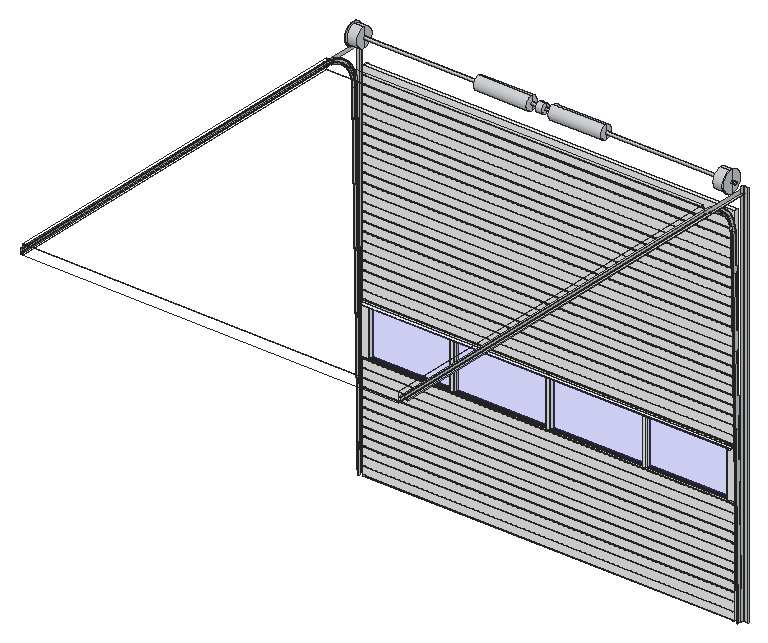
Revit family
Parameters (values of type "By Type")
  Windload = "Doors available rated for various design pressures; consult Clopay for avaialbility and specifications"
  VisSection6 = NumSections = 6  # no
  VisSection5 = NumSections > 4  # yes
  VisSection4 = NumSections > 3  # yes
  VisSection3 = NumSections > 2  # yes
  VisArray = NumSections > 6  # yes
  URL = "www.clopaydoor.com"
  Track Type = Track - Standard Lift : 15" Radius
  Track = "Galvanized steel (gauge varies according to door size)"
  Thickness = 0' - 2"  # constant formula
  Spec Wizard = "http://www.arcat.com/specwizard/08360clo/index.htm"
  Section Height = Height / NumSections  # 2' - 0"
  Section 5 Glazing = Section : Solid
  Section 4 Glazing = Section : Solid
  Section 3 Glazing = Full Vision Section : Intermediate
  Sales Information = "http://www.clopaydoor.com/where-to-buy.aspx?type=dealer"
  Rough Width = 0' - 0"  # constant formula
  Rough Height = 0' - 0"  # constant formula
  Roof Pitch = 0
  R-Value = "17.2"
  Product Features and Benefits = "http://www.clopaydoor.com/insulated-polyurethane-applications.aspx"
  Overlapping Jamb = yes
  Overlap = if(Overlapping Jamb, 0' 1", 0' 0")  # 0' - 1"
  Opening Width = 14' - 0"
  Opening Height = 14' - 0"
  Opener - Jackshaft Right Side = no
  Opener - Trolley = no
  Opener - Jackshaft Left Side = no
  Omniclass Table = "23-30 10 17 37 "
  NumSectionsNotRounded = Height / 2' 0"  # 7
  NumSections = NumSectionsNotRounded + 0.4999  # 7
  NumArraySections = if(NumSections > 6, NumSections - 5, 2)  # 2
  Model = "3720"
  Maximum Size = "Maximum 32' 2'' wide by 26' 0'' high. Additional limitations may apply do to door weight. Consult Clopay for specificiations and shop drawings."  # constant formula
  Manufacturer Website = "http://www.clopaydoor.com"
  Manufacturer Phone Number = "1-800-526-4301"
  Manufacturer Address = "1400 W. Market St., Troy, OH 45373"
  Manufacturer = "Clopay Building Products Company"
  LEED = "http://products.construction.com/swts_content_files/151607/303186.pdf"
  Keynote = "08 36 13"
  Interior Steel = "28 ga. galvanized, primed, and finish painted"
  High Lift = 4' - 0"
  Hardware = "14 ga. min. steel hinges; 10-ball steel rollers"
  GreenFormat = "http://www.greenformat.com/products/1536-Polyurethane%20Insulated%20Doors.rtf"
  Function = (empty or 0)
  Height = Opening Height + Rough Width * 0  # 14' - 0"
  Wall Closure = (empty or 0)
  Width = Opening Width + Rough Width * 0  # 14' - 0"
  FloorToSection7 = 6 * Section Height  # 12' - 0"
  FloorToSection6 = 5 * Section Height  # 10' - 0"
  FloorToSection5 = 4 * Section Height  # 8' - 0"
  FloorToSection4 = 3 * Section Height  # 6' - 0"
  FloorToSection3 = 2 * Section Height  # 4' - 0"
  FloorToSection2 = Section Height  # 2' - 0"
  File Revision = "02 (August, 2012)"
  Exterior Steel = "27 ga. galvanized, primed, and finish painted"
  Double Torsion Shaft = no
  Double End Stiles = Door Width > 14' 2"  # no
  Door Width = Opening Width + Overlap * 2  # 14' - 2"
  Door Height = Opening Height + Rough Width * 0  # 14' - 0"
  Description = "2'' thick polyurethane insulated, stucco embossed 27 gauge steel exterior with light ribbed pattern."
  Core Material = "Expanded polyurethane"
  Copyright = "2010, Clopay Building Products Company, Inc."
  Color = White
  CAD and Specifications = "http://www.clopaydoor.com/insulated-polyurethane-specs.aspx"
  Assembly Code = "B2030410"
Reference planes (in)
  plane 1 "Center (Front/Back)": y = 0
  plane 2 "Center (Left/Right)": x = 0
  plane 3 "Left": x = -84
  plane 4 "Right": x = 84
  plane 5 "Top": z = 168
  plane 6 "Exterior": y = 3
  plane 7 "Interior": y = -3
  plane 8: z = 120
  plane 9: z = 144
Lines and regions (in)
  Opening 1
    outline origin (-90, -3, 0) x (1, 0, 0) y (0, 0, 1)
      loop
        line (6, 0) -> (174, 0) -> (174, 168) -> (6, 168) -> (6, 0)
Text (in)
  text "Exterior" at (-74.96733, 27.31104, 0), in view "Ref. Level"
  text "Interior" at (-74.96733, -25.14366, 0), in view "Ref. Level"
  text "Exterior" at (0, 40.15149, 123.01588), in view "Right"
  text "Interior" at (0, -64.39139, 123.01588), in view "Right"
  text "Interior" at (0, -31.01599, 123.00693), in view "Left"
  text "Exterior" at (0, 54.57065, 123.00693), in view "Left"
Dimensions and locks (in)
  equal spacing: plane 3 "Left", plane 2 "Center (Left/Right)", plane 4 "Right"
  "Height": level to plane 5 "Top"
  "Width": plane 3 "Left" to plane 4 "Right"
  host wall to plane 5 "Top" = 14' - 0"
  nested 1 to plane 7 "Interior" = 0' - 0 1/2"
  "FloorToSection6": plane 8 to level
  "FloorToSection7": plane 9 to level
  group 1 to group 2 = 0' - 0"  (x2)
  group 1 to group 2 = 2' - 0"
  host wall to host wall = 67' - 6"
  aligned and locked: plane 3 "Left" to Opening 1 sketch curve
  aligned and locked: plane 5 "Top" to Opening 1 sketch curve
  aligned and locked: Opening 1 sketch curve to plane 5 "Top"
  aligned and locked: Opening 1 sketch curve to plane 4 "Right"
  aligned and locked: Opening 1 sketch curve to level
  aligned and locked: plane 6 "Exterior" to host wall
  aligned and locked: host wall to plane 7 "Interior"
  aligned and locked: plane 2 "Center (Left/Right)" to nested 2
  aligned and locked: plane 2 "Center (Left/Right)" to nested 3
  aligned and locked: plane 2 "Center (Left/Right)" to nested 4
  aligned and locked: plane 2 "Center (Left/Right)" to nested 5
  aligned and locked: plane 2 "Center (Left/Right)" to nested 7
  aligned and locked: nested 7 to plane 8
  aligned and locked: nested 8 to plane 9
  aligned and locked: plane 7 "Interior" to nested 2
  aligned and locked: plane 7 "Interior" to nested 7
  aligned and locked: host wall to nested 8
  aligned and locked: plane 7 "Interior" to nested 3
  aligned and locked: host wall to nested 3
  aligned and locked: plane 7 "Interior" to nested 1
  aligned and locked: nested 2 to host wall
  aligned and locked: plane 7 "Interior" to nested 6
  aligned and locked: plane 7 "Interior" to nested 5
  aligned and locked: host wall to nested 7
  aligned and locked: plane 7 "Interior" to nested 4
  aligned and locked: nested 11 to plane 2 "Center (Left/Right)"
Nested families (in)
  nested 1: "Section" at (0, 0, 0), type "Solid"
    with X9 0' - 7 1/2", X8 0' - 7 1/2", X7 0' - 7 1/2", X6 0' - 7 1/2", X5 0' - 7 1/2", X4 11' - 7 1/2", X3 7' - 11 1/2", X2 4' - 3 1/2", NumWindows 4, NumArrayedWindows 4, Half Door Width Neg -7' - 1", Half Door Width 7' - 1", X1 0' - 7 1/2", Door Width 14' - 2"
  nested 2: "Section" at (0, 0, 24), built-in parameter 1001364 <- "Section Height", type "Solid"
    with X9 0' - 7 1/2", X8 0' - 7 1/2", X7 0' - 7 1/2", X6 0' - 7 1/2", X5 0' - 7 1/2", X4 11' - 7 1/2", X3 7' - 11 1/2", X2 4' - 3 1/2", NumWindows 4, NumArrayedWindows 4, Half Door Width Neg -7' - 1", Half Door Width 7' - 1", X1 0' - 7 1/2", Door Width 14' - 2"
  nested 3: "Full Vision Section" at (0, 0, 48), type <- "Section 3 Glazing", built-in parameter 1001364 <- "FloorToSection3", visible <- "VisSection3", type "Intermediate"
    with SingleStileVis no, Rail Width 14' - 1 13/16", NumIntStiles 3, Half Rail Width 7' - 0 29/32", Half Door Width 7' - 1", Glass Width 14' - 0 13/16", Edge to 1st Int Stile 3' - 5", Door Width 14' - 2", ArrayStileVis yes, ArrayIntStiles 3
  nested 4: "Section" at (0, 0, 120), built-in parameter 1001364 <- "FloorToSection6", visible <- "VisSection6", type "Solid"
    with X9 0' - 7 1/2", X8 0' - 7 1/2", X7 0' - 7 1/2", X6 0' - 7 1/2", X5 0' - 7 1/2", X4 11' - 7 1/2", X3 7' - 11 1/2", X2 4' - 3 1/2", NumWindows 4, NumArrayedWindows 4, Half Door Width Neg -7' - 1", Half Door Width 7' - 1", X1 0' - 7 1/2", Door Width 14' - 2"
  nested 5: "Section" at (0, 0, 96), built-in parameter 1001364 <- "FloorToSection5", type <- "Section 5 Glazing", visible <- "VisSection5", type "Solid"
    with X9 0' - 7 1/2", X8 0' - 7 1/2", X7 0' - 7 1/2", X6 0' - 7 1/2", X5 0' - 7 1/2", X4 11' - 7 1/2", X3 7' - 11 1/2", X2 4' - 3 1/2", NumWindows 4, NumArrayedWindows 4, Half Door Width Neg -7' - 1", Half Door Width 7' - 1", X1 0' - 7 1/2", Door Width 14' - 2"
  nested 6: "Section" at (0, 0, 72), type <- "Section 4 Glazing", built-in parameter 1001364 <- "FloorToSection4", visible <- "VisSection4", type "Solid"
    with X9 0' - 7 1/2", X8 0' - 7 1/2", X7 0' - 7 1/2", X6 0' - 7 1/2", X5 0' - 7 1/2", X4 11' - 7 1/2", X3 7' - 11 1/2", X2 4' - 3 1/2", NumWindows 4, NumArrayedWindows 4, Half Door Width Neg -7' - 1", Half Door Width 7' - 1", X1 0' - 7 1/2", Door Width 14' - 2"
  nested 7: "Section" at (0, 0, 120), visible <- "VisArray", type "Solid"
    with X9 0' - 7 1/2", X8 0' - 7 1/2", X7 0' - 7 1/2", X6 0' - 7 1/2", X5 0' - 7 1/2", X4 11' - 7 1/2", X3 7' - 11 1/2", X2 4' - 3 1/2", NumWindows 4, NumArrayedWindows 4, Half Door Width Neg -7' - 1", Half Door Width 7' - 1", X1 0' - 7 1/2", Door Width 14' - 2"
  nested 8: "Section" at (0, 0, 144), visible <- "VisArray", type "Solid"
    with X9 0' - 7 1/2", X8 0' - 7 1/2", X7 0' - 7 1/2", X6 0' - 7 1/2", X5 0' - 7 1/2", X4 11' - 7 1/2", X3 7' - 11 1/2", X2 4' - 3 1/2", NumWindows 4, NumArrayedWindows 4, Half Door Width Neg -7' - 1", Half Door Width 7' - 1", X1 0' - 7 1/2", Door Width 14' - 2"
  nested 9: "Section" at (0, 4.67704, 636.93806), type "Windows - 24x8", not visible
    with X9 0' - 7 1/2", X8 0' - 7 1/2", X7 0' - 7 1/2", X6 0' - 7 1/2", X5 0' - 7 1/2", X4 11' - 7 1/2", X3 7' - 11 1/2", X2 4' - 3 1/2", NumWindows 4, NumArrayedWindows 4, Half Door Width Neg -7' - 1", Half Door Width 7' - 1", X1 0' - 7 1/2", Door Width 14' - 2"
  nested 10: "Section" at (0, 4.63986, 609.3176), type "Windows - 24x12", not visible
    with X9 0' - 7 1/2", X8 0' - 7 1/2", X7 0' - 7 1/2", X6 0' - 7 1/2", X5 0' - 7 1/2", X4 11' - 7 1/2", X3 7' - 11 1/2", X2 4' - 3 1/2", WindowSpacing 3' - 8", NumWindows 4, NumArrayedWindows 4, Half Door Width Neg -7' - 1", Half Door Width 7' - 1", X1 0' - 7 1/2", Door Width 14' - 2"
  nested 11: "Track - Standard Lift" at (0, 0, 0) x (-1, 0, 0) z (0, 0, 1), type <- "Track Type", type "15" Radius"
    with WallToRadiusCenter 1' - 9.33333", VerticalAngleLength 14' - 10", Vertical Track Length 13' - 4", TrackToTrack 14' - 4", Roof Pitch Deg 0.00°, Roof Pitch 0, HorizontalAngleLength -16' - 2.33333", Horizontal Track Length 14' - 6", FloorToTrolleyRail 15' - 8", FloorToShaftCL 15' - 2", FloorToJackShaft 15' - 5", Double Torsion Shaft no, Door Width 14' - 2", Door Height 14' - 0", CenterToLHTrack 7' - 2", HorizontalTrackAngle 90.00°, CenterToRHTrack -7' - 2", CenterToJackShaft 7' - 6"
Definition of nested family "Section"
  Parameters (values of type "Windows - 24x12")
    X9 = if(if(NumArrayedWindows < NumWindows, NumArrayedWindows + 1, NumWindows) < 9, X1, X8 + WindowSpacing)  # 0' - 4 1/2"
    X8 = if(if(NumArrayedWindows < NumWindows, NumArrayedWindows + 1, NumWindows) < 8, X1, X7 + WindowSpacing)  # 0' - 4 1/2"
    X7 = if(if(NumArrayedWindows < NumWindows, NumArrayedWindows + 1, NumWindows) < 7, X1, X6 + WindowSpacing)  # 0' - 4 1/2"
    X6 = if(if(NumArrayedWindows < NumWindows, NumArrayedWindows + 1, NumWindows) < 6, X1, X5 + WindowSpacing)  # 0' - 4 1/2"
    X5 = if(if(NumArrayedWindows < NumWindows, NumArrayedWindows + 1, NumWindows) < 5, X1, X4 + WindowSpacing)  # 0' - 4 1/2"
    X4 = if(if(NumArrayedWindows < NumWindows, NumArrayedWindows + 1, NumWindows) < 4, X1, X3 + WindowSpacing)  # 0' - 4 1/2"
    X3 = if(NumWindows < 3, X1, X2 + WindowSpacing)  # 7' - 0 1/2"
    X2 = if(NumWindows < 2, ((Door Width - (NumWindows - 1) * WindowSpacing) / 2 - Cutout Width / 2), ((Door Width - (NumWindows - 1) * WindowSpacing) / 2 - Cutout Width / 2) + WindowSpacing)  # 3' - 8 1/2"
    Windows = 37xx Window Array : 24x12
    WindowVis = yes
    WindowSpacing = if(and(Door Width < 10' 0", Door Width > 9' 2"), 3' 4", 3' 8")  # 3' - 4"
    WindowCutDepth = 0' - 2"
    Section Height = 2' - 0"
    RibSpacing = Section Height / (NumRibs + 1)  # 0' - 4"
    NumWindows = if(Door Width < 9' 4", 2, if(Door Width < 13' 4", 3, if(Door Width < 16' 4", 4, if(Door Width < 20' 4", 5, if(Door Width < 24' 4", 6, if(Door Width < 26' 4", 7, if(Door Width < 31' 8", 8, 10)))))))  # 3
    NumRibs = if(Section Height < 1' 9", 3, if(Section Height < 2' 0", 4, 5))  # 5
    NumArrayedWindows = if(X2 = X1, NumWindows - 2, NumWindows)  # 3
    Half Section Height = Section Height / 2  # 1' - 0"
    Half Door Width Neg = -Half Door Width  # -4' - 8"
    Half Door Width = Door Width / 2  # 4' - 8"
    Half Cutout Height = Cutout Height / 2  # 0' - 5 1/2"
    Function = (empty or 0)
    Height = 0' - 0"
    Wall Closure = (empty or 0)
    Width = 0' - 0"
    X1 = if(or(Door Width > 31' 6", and(Door Width > 26' 2", Door Width < 28' 1"), Door Width = 24' 3", Door Width = 24' 4", and(Door Width > 20' 2", Door Width < 20' 11"), and(Door Width > 16' 2", Door Width < 17' 3")), X2, (Door Width - (NumWindows - 1) * WindowSpacing) / 2 - Cutout Width / 2)  # 0' - 4 1/2"
    Door Width = 9' - 4"
    CutoutToCutout = 1' - 0"
    Cutout Width = 1' - 11"
    Cutout Height = 0' - 11"
    Color = White
    BtmTo1stRib = RibSpacing  # 0' - 4"
    Assembly Code = ""
  Types (3): name | X7 | X6 | X5 | X4 | X3 | X2 | Windows | WindowVis | WindowSpacing | WindowCutDepth | NumWindows | NumArrayedWindows | Half Door Width Neg | Half Door Width | Half Cutout Height | Door Width | Cutout Height
    Windows - 24x12 | 0' - 4 1/2" | 0' - 4 1/2" | 0' - 4 1/2" | 0' - 4 1/2" | 7' - 0 1/2" | 3' - 8 1/2" | 37xx Window Array : 24x12 | yes | 3' - 4" | 0' - 2" | 3 | 3 | -4' - 8" | 4' - 8" | 0' - 5 1/2" | 9' - 4" | 0' - 11"
    Windows - 24x8 | 22' - 4 1/2" | 18' - 8 1/2" | 15' - 0 1/2" | 11' - 4 1/2" | 7' - 8 1/2" | 4' - 0 1/2" | 37xx Window Array : 24x8 | yes | 3' - 8" | 0' - 2" | 7 | 7 | -12' - 4" | 12' - 4" | 0' - 3 1/2" | 24' - 8" | 0' - 7"
    Solid | 22' - 4 1/2" | 18' - 8 1/2" | 15' - 0 1/2" | 11' - 4 1/2" | 7' - 8 1/2" | 4' - 0 1/2" | 37xx Window Array : 24x8 | no | 3' - 8" | -0' - 0 13/128" | 7 | 7 | -12' - 4" | 12' - 4" | 0' - 3 1/2" | 24' - 8" | 0' - 7"
  Reference planes (in)
    plane 1 "Center (Front/Back)": y = 0
    plane 2 "Center (Left/Right)": x = 0
    plane 3 "Exterior": y = 3
    plane 4 "Interior": y = -3
    plane 5: y = -3.5
    plane 6: x = 56
    plane 7: x = -56
    plane 8: z = 4
    plane 9: z = 8
    plane 10: z = 24
    plane 11: z = 12
    plane 12: z = 0
  Forms (in)
    Extrusion 1, solid, material "White" <- "Color"
      sketch origin (-56, -12, 83.08252) x (0, 0, 1) y (0, -1, 0)
        loop
          line (-59.08252, -8.37573) -> (-59.08252, -6.62444)
          arc (-59.08252, -6.62444) -> (-59.11897, -6.53645) -> (-59.20696, -6.5) r 0.12444
          line (-59.20696, -6.5) -> (-82.95809, -6.5)
          arc (-82.95809, -6.5) -> (-83.04608, -6.53645) -> (-83.08252, -6.62444) r 0.12444
          line (-83.08252, -6.62444) -> (-83.08252, -8.37573)
          arc (-83.08252, -8.37573) -> (-83.04612, -8.4636) -> (-82.95825, -8.5) r 0.12427
          line (-82.95825, -8.5) -> (-59.20679, -8.5)
          arc (-59.20679, -8.5) -> (-59.11892, -8.4636) -> (-59.08252, -8.37573) r 0.12427
      from 0 to 112 <- "Door Width"
    Extrusion 2, void
      sketch origin (0, 0, -0.5) x (0, -1, 0) y (0, 0, 1)
        loop
          line (3.5, 4.62727) -> (3.5, 4.37273) -> (3.53032, 4.41942)
          arc (3.53032, 4.41942) -> (3.53753, 4.43506) -> (3.54, 4.4521) r 0.06
          line (3.54, 4.4521) -> (3.54, 4.5479)
          arc (3.54, 4.5479) -> (3.53753, 4.56494) -> (3.53032, 4.58058) r 0.06
          line (3.53032, 4.58058) -> (3.5, 4.62727)
      from -56 <- "Half Door Width Neg" to 112 <- "Door Width"
    Extrusion 3, void
      sketch origin (0, 0, 3.5) x (0, -1, 0) y (0, 0, 1)
        loop
          line (3.5, 4.62727) -> (3.5, 4.37273) -> (3.53032, 4.41942)
          arc (3.53032, 4.41942) -> (3.53753, 4.43506) -> (3.54, 4.4521) r 0.06
          line (3.54, 4.4521) -> (3.54, 4.5479)
          arc (3.54, 4.5479) -> (3.53753, 4.56494) -> (3.53032, 4.58058) r 0.06
          line (3.53032, 4.58058) -> (3.5, 4.62727)
      from -56 <- "Half Door Width Neg" to 112 <- "Door Width"
    Extrusion 4, void
      sketch origin (0, 0, 7.5) x (0, -1, 0) y (0, 0, 1)
        loop
          line (3.5, 4.62727) -> (3.5, 4.37273) -> (3.53032, 4.41942)
          arc (3.53032, 4.41942) -> (3.53753, 4.43506) -> (3.54, 4.4521) r 0.06
          line (3.54, 4.4521) -> (3.54, 4.5479)
          arc (3.54, 4.5479) -> (3.53753, 4.56494) -> (3.53032, 4.58058) r 0.06
          line (3.53032, 4.58058) -> (3.5, 4.62727)
      from -56 <- "Half Door Width Neg" to 112 <- "Door Width"
    Extrusion 5, void
      sketch origin (0, -8.99984, -0.5) x (0, 1, 0) y (0, 0, -1)
        loop
          line (3.5, -4.62727) -> (3.53032, -4.58058)
          arc (3.53032, -4.58058) -> (3.53753, -4.56494) -> (3.54, -4.5479) r 0.06
          line (3.54, -4.5479) -> (3.54, -4.4521)
          arc (3.54, -4.4521) -> (3.53753, -4.43506) -> (3.53032, -4.41942) r 0.06
          line (3.53032, -4.41942) -> (3.5, -4.37273) -> (3.5, -4.62727)
      from -56 <- "Half Door Width Neg" to 112 <- "Door Width"
    Extrusion 6, void
      sketch origin (0, -8.99984, 3.5) x (0, 1, 0) y (0, 0, -1)
        loop
          line (3.5, -4.62727) -> (3.53032, -4.58058)
          arc (3.53032, -4.58058) -> (3.53753, -4.56494) -> (3.54, -4.5479) r 0.06
          line (3.54, -4.5479) -> (3.54, -4.4521)
          arc (3.54, -4.4521) -> (3.53753, -4.43506) -> (3.53032, -4.41942) r 0.06
          line (3.53032, -4.41942) -> (3.5, -4.37273) -> (3.5, -4.62727)
      from -56 <- "Half Door Width Neg" to 112 <- "Door Width"
    Extrusion 7, void
      sketch origin (0, -8.99984, 7.5) x (0, 1, 0) y (0, 0, -1)
        loop
          line (3.5, -4.62727) -> (3.53032, -4.58058)
          arc (3.53032, -4.58058) -> (3.53753, -4.56494) -> (3.54, -4.5479) r 0.06
          line (3.54, -4.5479) -> (3.54, -4.4521)
          arc (3.54, -4.4521) -> (3.53753, -4.43506) -> (3.53032, -4.41942) r 0.06
          line (3.53032, -4.41942) -> (3.5, -4.37273) -> (3.5, -4.62727)
      from -56 <- "Half Door Width Neg" to 112 <- "Door Width"
    Extrusion 8, void
      sketch origin (-98.15385, -3.5, 48) x (1, 0, 0) y (0, 0, 1)
        loop
          line (149.65385, -30.5) -> (126.65385, -30.5) -> (126.65385, -36) -> (149.65385, -36) -> (149.65385, -30.5)
      from 0 to 2 <- "WindowCutDepth"
    Extrusion 9, void
      sketch origin (-98.15385, -3.5, -24) x (1, 0, 0) y (0, 0, 1)
        loop
          line (149.65385, 30.5) -> (149.65385, 36) -> (126.65385, 36) -> (126.65385, 30.5) -> (149.65385, 30.5)
      from 0 to 2 <- "WindowCutDepth"
    Extrusion 10, void
      sketch origin (-136.15385, -3.5, 48) x (1, 0, 0) y (0, 0, 1)
        loop
          line (147.65385, -30.5) -> (124.65385, -30.5) -> (124.65385, -36) -> (147.65385, -36) -> (147.65385, -30.5)
      from 0 to 2 <- "WindowCutDepth"
    Extrusion 11, void
      sketch origin (-136.15385, -3.5, -24) x (1, 0, 0) y (0, 0, 1)
        loop
          line (147.65385, 30.5) -> (147.65385, 36) -> (124.65385, 36) -> (124.65385, 30.5) -> (147.65385, 30.5)
      from 0 to 2 <- "WindowCutDepth"
    Extrusion 12, void
      sketch origin (-171.15385, -3.5, 48) x (1, 0, 0) y (0, 0, 1)
        loop
          line (142.65385, -30.5) -> (119.65385, -30.5) -> (119.65385, -36) -> (142.65385, -36) -> (142.65385, -30.5)
      from 0 to 2 <- "WindowCutDepth"
    Extrusion 13, void
      sketch origin (-171.15385, -3.5, -24) x (1, 0, 0) y (0, 0, 1)
        loop
          line (142.65385, 30.5) -> (142.65385, 36) -> (119.65385, 36) -> (119.65385, 30.5) -> (142.65385, 30.5)
      from 0 to 2 <- "WindowCutDepth"
    Extrusion 14, void
      sketch origin (-214.15385, -3.5, 48) x (1, 0, 0) y (0, 0, 1)
        loop
          line (265.65385, -30.5) -> (242.65385, -30.5) -> (242.65385, -36) -> (265.65385, -36) -> (265.65385, -30.5)
      from 0 to 2 <- "WindowCutDepth"
    Extrusion 15, void
      sketch origin (-214.15385, -3.5, -24) x (1, 0, 0) y (0, 0, 1)
        loop
          line (265.65385, 30.5) -> (265.65385, 36) -> (242.65385, 36) -> (242.65385, 30.5) -> (265.65385, 30.5)
      from 0 to 2 <- "WindowCutDepth"
    Extrusion 16, void
      sketch origin (-256.15385, -3.5, 48) x (1, 0, 0) y (0, 0, 1)
        loop
          line (307.65385, -30.5) -> (284.65385, -30.5) -> (284.65385, -36) -> (307.65385, -36) -> (307.65385, -30.5)
      from 0 to 2 <- "WindowCutDepth"
    Extrusion 17, void
      sketch origin (-256.15385, -3.5, -24) x (1, 0, 0) y (0, 0, 1)
        loop
          line (307.65385, 30.5) -> (307.65385, 36) -> (284.65385, 36) -> (284.65385, 30.5) -> (307.65385, 30.5)
      from 0 to 2 <- "WindowCutDepth"
    Extrusion 18, void
      sketch origin (-294.15385, -3.5, 48) x (1, 0, 0) y (0, 0, 1)
        loop
          line (345.65385, -30.5) -> (322.65385, -30.5) -> (322.65385, -36) -> (345.65385, -36) -> (345.65385, -30.5)
      from 0 to 2 <- "WindowCutDepth"
    Extrusion 19, void
      sketch origin (-294.15385, -3.5, -24) x (1, 0, 0) y (0, 0, 1)
        loop
          line (345.65385, 30.5) -> (345.65385, 36) -> (322.65385, 36) -> (322.65385, 30.5) -> (345.65385, 30.5)
      from 0 to 2 <- "WindowCutDepth"
    Extrusion 20, void
      sketch origin (-331.15385, -3.5, 48) x (1, 0, 0) y (0, 0, 1)
        loop
          line (382.65385, -30.5) -> (359.65385, -30.5) -> (359.65385, -36) -> (382.65385, -36) -> (382.65385, -30.5)
      from 0 to 2 <- "WindowCutDepth"
    Extrusion 21, void
      sketch origin (-331.15385, -3.5, -24) x (1, 0, 0) y (0, 0, 1)
        loop
          line (382.65385, 30.5) -> (382.65385, 36) -> (359.65385, 36) -> (359.65385, 30.5) -> (382.65385, 30.5)
      from 0 to 2 <- "WindowCutDepth"
    Extrusion 22, void
      sketch origin (-368.15385, -3.5, 48) x (1, 0, 0) y (0, 0, 1)
        loop
          line (419.65385, -30.5) -> (396.65385, -30.5) -> (396.65385, -36) -> (419.65385, -36) -> (419.65385, -30.5)
      from 0 to 2 <- "WindowCutDepth"
    Extrusion 23, void
      sketch origin (-368.15385, -3.5, -24) x (1, 0, 0) y (0, 0, 1)
        loop
          line (419.65385, 30.5) -> (419.65385, 36) -> (396.65385, 36) -> (396.65385, 30.5) -> (419.65385, 30.5)
      from 0 to 2 <- "WindowCutDepth"
    Extrusion 24, void
      sketch origin (-407.15385, -3.5, 48) x (1, 0, 0) y (0, 0, 1)
        loop
          line (458.65385, -30.5) -> (435.65385, -30.5) -> (435.65385, -36) -> (458.65385, -36) -> (458.65385, -30.5)
      from 0 to 2 <- "WindowCutDepth"
    Extrusion 25, void
      sketch origin (-407.15385, -3.5, -24) x (1, 0, 0) y (0, 0, 1)
        loop
          line (458.65385, 30.5) -> (458.65385, 36) -> (435.65385, 36) -> (435.65385, 30.5) -> (458.65385, 30.5)
      from 0 to 2 <- "WindowCutDepth"
    Extrusion 26, void
      sketch origin (0, 0, 11.5) x (0, -1, 0) y (0, 0, 1)
        loop
          line (3.5, 4.62727) -> (3.5, 4.37273) -> (3.53032, 4.41942)
          arc (3.53032, 4.41942) -> (3.53753, 4.43506) -> (3.54, 4.4521) r 0.06
          line (3.54, 4.4521) -> (3.54, 4.5479)
          arc (3.54, 4.5479) -> (3.53753, 4.56494) -> (3.53032, 4.58058) r 0.06
          line (3.53032, 4.58058) -> (3.5, 4.62727)
      from -56 <- "Half Door Width Neg" to 112 <- "Door Width"
    Extrusion 27, void
      sketch origin (0, -8.99984, 11.5) x (0, 1, 0) y (0, 0, -1)
        loop
          line (3.5, -4.62727) -> (3.53032, -4.58058)
          arc (3.53032, -4.58058) -> (3.53753, -4.56494) -> (3.54, -4.5479) r 0.06
          line (3.54, -4.5479) -> (3.54, -4.4521)
          arc (3.54, -4.4521) -> (3.53753, -4.43506) -> (3.53032, -4.41942) r 0.06
          line (3.53032, -4.41942) -> (3.5, -4.37273) -> (3.5, -4.62727)
      from -56 <- "Half Door Width Neg" to 112 <- "Door Width"
    Extrusion 28, void
      sketch origin (0, 0, 15.5) x (0, -1, 0) y (0, 0, 1)
        loop
          line (3.5, 4.62727) -> (3.5, 4.37273) -> (3.53032, 4.41942)
          arc (3.53032, 4.41942) -> (3.53753, 4.43506) -> (3.54, 4.4521) r 0.06
          line (3.54, 4.4521) -> (3.54, 4.5479)
          arc (3.54, 4.5479) -> (3.53753, 4.56494) -> (3.53032, 4.58058) r 0.06
          line (3.53032, 4.58058) -> (3.5, 4.62727)
      from -56 <- "Half Door Width Neg" to 112 <- "Door Width"
    Extrusion 29, void
      sketch origin (0, -8.99984, 15.5) x (0, 1, 0) y (0, 0, -1)
        loop
          line (3.5, -4.62727) -> (3.53032, -4.58058)
          arc (3.53032, -4.58058) -> (3.53753, -4.56494) -> (3.54, -4.5479) r 0.06
          line (3.54, -4.5479) -> (3.54, -4.4521)
          arc (3.54, -4.4521) -> (3.53753, -4.43506) -> (3.53032, -4.41942) r 0.06
          line (3.53032, -4.41942) -> (3.5, -4.37273) -> (3.5, -4.62727)
      from -56 <- "Half Door Width Neg" to 112 <- "Door Width"
  Cuts and joins
    Extrusion 2, Extrusion 3, Extrusion 4, Extrusion 5, Extrusion 6, Extrusion 7, Extrusion 8, Extrusion 9, Extrusion 10, Extrusion 11, Extrusion 12, Extrusion 13, Extrusion 14, Extrusion 15, Extrusion 16, Extrusion 17, Extrusion 18, Extrusion 19, Extrusion 20, Extrusion 21, Extrusion 22, Extrusion 23, Extrusion 24, Extrusion 25, Extrusion 26, Extrusion 27, Extrusion 28, Extrusion 29 cuts Extrusion 1
  Lines and regions (in)
    reference lines
      curve 1: line (-72, -3.54, 4) -> (-72, -3.5, 4)
      curve 2: line (-72, -5.45984, 4) -> (-72, -5.49984, 4)
      curve 3: line (-72, -3.54, 8) -> (-72, -3.5, 8)
      curve 4: line (-72, -3.54, 12) -> (-72, -3.5, 12)
      curve 5: line (-72, -5.45984, 4) -> (-72, -5.49984, 4)
      curve 6: line (-72, -5.45984, 8) -> (-72, -5.49984, 8)
      curve 7: line (-72, -5.45984, 12) -> (-72, -5.49984, 12)
      curve 8: line (-72, -3.54, 16) -> (-72, -3.5, 16)
      curve 9: line (-72, -5.45984, 16) -> (-72, -5.49984, 16)
      curve 10: line (-72, -3.54, 20) -> (-72, -3.5, 20)
      curve 11: line (-72, -5.45984, 20) -> (-72, -5.49984, 20)
  Text (in)
    text "Exterior" at (-74.96733, 27.31104, 0), in view "Ref. Level"
    text "Interior" at (-74.96733, -25.14366, 0), in view "Ref. Level"
    text "Exterior" at (0, 40.15149, 123.01588), in view "Right"
    text "Interior" at (0, -64.39139, 123.01588), in view "Right"
    text "Interior" at (0, -31.01599, 123.00693), in view "Left"
    text "Exterior" at (0, 54.57065, 123.00693), in view "Left"
  Dimensions and locks (in)
    plane 4 "Interior" to plane 5 = 0' - 0 1/2"
    "Half Door Width": plane 2 "Center (Left/Right)" to plane 7
    "Half Door Width": plane 6 to plane 2 "Center (Left/Right)"
    Extrusion 1 sketch curve to Extrusion 1 sketch curve = 0' - 2"
    Extrusion 2 sketch curve to Extrusion 2 sketch curve = 0' - 0.25454"
    Extrusion 2 sketch curve to Extrusion 2 sketch curve = 0' - 0.04"  (x2)
    "BtmTo1stRib": plane 8 to level
    curve 1 to Extrusion 2 sketch curve = 0' - 0.12727"
    "RibSpacing": plane 9 to plane 8
    "Section Height": plane 10 to level
    Extrusion 3 sketch curve to Extrusion 3 sketch curve = 0' - 0.25454"
    Extrusion 3 sketch curve to Extrusion 3 sketch curve = 0' - 0.04"  (x2)
    curve 3 to Extrusion 3 sketch curve = 0' - 0.12727"
    equal spacing: group 1, group 2, group 3, group 4, group 5  (x3)
    Extrusion 4 sketch curve to Extrusion 4 sketch curve = 0' - 0.25454"
    Extrusion 4 sketch curve to Extrusion 4 sketch curve = 0' - 0.04"  (x2)
    curve 4 to Extrusion 4 sketch curve = 0' - 0.12727"
    Extrusion 5 sketch curve to Extrusion 5 sketch curve = 0' - 0.25454"
    Extrusion 5 sketch curve to Extrusion 5 sketch curve = 0' - 0.04"  (x2)
    Extrusion 5 sketch curve to curve 5 = 0' - 0.12727"
    Extrusion 6 sketch curve to Extrusion 6 sketch curve = 0' - 0.25454"
    Extrusion 6 sketch curve to Extrusion 6 sketch curve = 0' - 0.04"  (x2)
    Extrusion 6 sketch curve to curve 6 = 0' - 0.12727"
    Extrusion 7 sketch curve to Extrusion 7 sketch curve = 0' - 0.25454"
    Extrusion 7 sketch curve to Extrusion 7 sketch curve = 0' - 0.04"  (x2)
    Extrusion 7 sketch curve to curve 7 = 0' - 0.12727"
    "Half Section Height": level to plane 11
    "Cutout Width": Extrusion 8 sketch curve to Extrusion 8 sketch curve
    "Half Cutout Height": Extrusion 8 sketch curve to Extrusion 8 sketch curve
    "Cutout Width": Extrusion 9 sketch curve to Extrusion 9 sketch curve
    "Half Cutout Height": Extrusion 9 sketch curve to Extrusion 9 sketch curve
    "X1": cut or joined group 1 (Extrusion 1, Extrusion 2, Extrusion 3, Extrusion 4, Extrusion 5, Extrusion 6, Extrusion 7, Extrusion 8, Extrusion 9, Extrusion 10, Extrusion 11, Extrusion 12, Extrusion 13, Extrusion 14, Extrusion 15, Extrusion 16, Extrusion 17, Extrusion 18, Extrusion 19, Extrusion 20, Extrusion 21, Extrusion 22, Extrusion 23, Extrusion 24, Extrusion 25, Extrusion 26, Extrusion 27, Extrusion 28, Extrusion 29) to cut or joined group 1
    "Cutout Width": Extrusion 10 sketch curve to Extrusion 10 sketch curve
    "Half Cutout Height": Extrusion 10 sketch curve to Extrusion 10 sketch curve
    "Cutout Width": Extrusion 11 sketch curve to Extrusion 11 sketch curve
    "Half Cutout Height": Extrusion 11 sketch curve to Extrusion 11 sketch curve
    "Cutout Width": Extrusion 12 sketch curve to Extrusion 12 sketch curve
    "Half Cutout Height": Extrusion 12 sketch curve to Extrusion 12 sketch curve
    "Cutout Width": Extrusion 13 sketch curve to Extrusion 13 sketch curve
    "Half Cutout Height": Extrusion 13 sketch curve to Extrusion 13 sketch curve
    "X2": plane 6 to cut or joined group 1
    "X3": plane 6 to cut or joined group 1
    "Cutout Width": Extrusion 14 sketch curve to Extrusion 14 sketch curve
    "Half Cutout Height": Extrusion 14 sketch curve to Extrusion 14 sketch curve
    "Cutout Width": Extrusion 15 sketch curve to Extrusion 15 sketch curve
    "Half Cutout Height": Extrusion 15 sketch curve to Extrusion 15 sketch curve
    "Cutout Width": Extrusion 16 sketch curve to Extrusion 16 sketch curve
    "Half Cutout Height": Extrusion 16 sketch curve to Extrusion 16 sketch curve
    "Cutout Width": Extrusion 17 sketch curve to Extrusion 17 sketch curve
    "Half Cutout Height": Extrusion 17 sketch curve to Extrusion 17 sketch curve
    "Cutout Width": Extrusion 18 sketch curve to Extrusion 18 sketch curve
    "Half Cutout Height": Extrusion 18 sketch curve to Extrusion 18 sketch curve
    "Cutout Width": Extrusion 19 sketch curve to Extrusion 19 sketch curve
    "Half Cutout Height": Extrusion 19 sketch curve to Extrusion 19 sketch curve
    "Cutout Width": Extrusion 20 sketch curve to Extrusion 20 sketch curve
    "Half Cutout Height": Extrusion 20 sketch curve to Extrusion 20 sketch curve
    "Cutout Width": Extrusion 21 sketch curve to Extrusion 21 sketch curve
    "Half Cutout Height": Extrusion 21 sketch curve to Extrusion 21 sketch curve
    "Cutout Width": Extrusion 22 sketch curve to Extrusion 22 sketch curve
    "Half Cutout Height": Extrusion 22 sketch curve to Extrusion 22 sketch curve
    "Cutout Width": Extrusion 23 sketch curve to Extrusion 23 sketch curve
    "Half Cutout Height": Extrusion 23 sketch curve to Extrusion 23 sketch curve
    "Cutout Width": Extrusion 24 sketch curve to Extrusion 24 sketch curve
    "Half Cutout Height": Extrusion 24 sketch curve to Extrusion 24 sketch curve
    "Cutout Width": Extrusion 25 sketch curve to Extrusion 25 sketch curve
    "Half Cutout Height": Extrusion 25 sketch curve to Extrusion 25 sketch curve
    "X4": plane 6 to cut or joined group 1
    "X5": plane 6 to cut or joined group 1
    "X6": plane 6 to cut or joined group 1
    "X7": plane 6 to cut or joined group 1
    "X8": plane 6 to cut or joined group 1
    "X9": plane 6 to cut or joined group 1
    locked: nested 1 to cut or joined group 1 at 1  (x2)
    locked: nested 1 to cut or joined group 1 at 0.125
    Extrusion 26 sketch curve to Extrusion 26 sketch curve = 0' - 0.25454"
    Extrusion 26 sketch curve to Extrusion 26 sketch curve = 0' - 0.04"  (x2)
    curve 8 to Extrusion 26 sketch curve = 0' - 0.12727"
    Extrusion 27 sketch curve to Extrusion 27 sketch curve = 0' - 0.25454"
    Extrusion 27 sketch curve to Extrusion 27 sketch curve = 0' - 0.04"  (x2)
    Extrusion 27 sketch curve to curve 9 = 0' - 0.12727"
    Extrusion 28 sketch curve to Extrusion 28 sketch curve = 0' - 0.25454"
    Extrusion 28 sketch curve to Extrusion 28 sketch curve = 0' - 0.04"  (x2)
    curve 10 to Extrusion 28 sketch curve = 0' - 0.12727"
    Extrusion 29 sketch curve to Extrusion 29 sketch curve = 0' - 0.25454"
    Extrusion 29 sketch curve to Extrusion 29 sketch curve = 0' - 0.04"  (x2)
    Extrusion 29 sketch curve to curve 11 = 0' - 0.12727"
    locked: plane 4 "Interior" to cut or joined group 1 at 0.5
    radius of Extrusion 1 sketch curve = 0' - 0.12427"  (x2)
    radius of Extrusion 1 sketch curve = 0' - 0.12444"  (x2)
    angle Extrusion 2 sketch curve to Extrusion 2 sketch curve = 147.00°  (x2)
    angle Extrusion 3 sketch curve to Extrusion 3 sketch curve = 147.00°  (x2)
    angle Extrusion 4 sketch curve to Extrusion 4 sketch curve = 147.00°  (x2)
    angle Extrusion 5 sketch curve to Extrusion 5 sketch curve = 147.00°  (x2)
    angle Extrusion 6 sketch curve to Extrusion 6 sketch curve = 147.00°  (x2)
    angle Extrusion 7 sketch curve to Extrusion 7 sketch curve = 147.00°  (x2)
    angle Extrusion 26 sketch curve to Extrusion 26 sketch curve = 147.00°  (x2)
    angle Extrusion 27 sketch curve to Extrusion 27 sketch curve = 147.00°  (x2)
    angle Extrusion 28 sketch curve to Extrusion 28 sketch curve = 147.00°  (x2)
    angle Extrusion 29 sketch curve to Extrusion 29 sketch curve = 147.00°  (x2)
    aligned and locked: Extrusion 1 sketch curve to plane 5
    aligned and locked: plane 8 to curve 1
    aligned and locked: plane 9 to curve 3
    aligned and locked: Extrusion 8 sketch curve to plane 11
    aligned and locked: plane 11 to Extrusion 9 sketch curve
    aligned and locked: cut or joined group 1 to cut or joined group 1  (x9)
    aligned and locked: plane 12 to level
  Automatic sketch dimensions
    curve 2 to curve 1 = 0' - 1.91984"
    curve 1 to curve 1 = 0' - 0.04"  (x2)
    curve 1 to curve 2 = 0' - 1.91984"
    curve 2 to curve 2 = 0' - 0.04"  (x2)
    Extrusion 2 sketch curve to Extrusion 2 sketch curve = 0' - 0"
    Extrusion 2 sketch curve to Extrusion 2 sketch curve = 0' - 0.02"
    Extrusion 2 sketch curve to Extrusion 2 sketch curve = 0' - 0.00968"  (x2)
    curve 5 to curve 1 = 0' - 0"
    curve 1 to curve 5 = 0' - 1.91984"
    curve 5 to curve 5 = 0' - 0.04"
    Extrusion 5 sketch curve to Extrusion 5 sketch curve = 0' - 0"
    Extrusion 5 sketch curve to Extrusion 5 sketch curve = 0' - 0.02"
    Extrusion 5 sketch curve to Extrusion 5 sketch curve = 0' - 0.00968"  (x2)
    Extrusion 3 sketch curve to Extrusion 3 sketch curve = 0' - 0"
    Extrusion 3 sketch curve to Extrusion 3 sketch curve = 0' - 0.02"
    Extrusion 3 sketch curve to Extrusion 3 sketch curve = 0' - 0.00968"  (x2)
    curve 6 to curve 3 = 0' - 0"
    curve 3 to curve 3 = 0' - 0.04"
    curve 3 to curve 6 = 0' - 1.91984"
    curve 6 to curve 6 = 0' - 0.04"
    Extrusion 4 sketch curve to Extrusion 4 sketch curve = 0' - 0"
    Extrusion 4 sketch curve to Extrusion 4 sketch curve = 0' - 0.02"
    Extrusion 4 sketch curve to Extrusion 4 sketch curve = 0' - 0.00968"  (x2)
    curve 7 to curve 4 = 0' - 0"
    curve 4 to curve 4 = 0' - 0.04"
    curve 4 to curve 7 = 0' - 1.91984"
    curve 7 to curve 7 = 0' - 0.04"
    Extrusion 7 sketch curve to Extrusion 7 sketch curve = 0' - 0.00968"
    Extrusion 6 sketch curve to Extrusion 6 sketch curve = 0' - 0.00968"
    curve 2 to plane 8 = 0' - 0"
    curve 2 to plane 5 = 0' - 1.95984"
    Extrusion 8 sketch curve to plane 6 = 2' - 3 1/2"
    Extrusion 9 sketch curve to plane 6 = 2' - 3 1/2"
    Extrusion 10 sketch curve to plane 11 = 0' - 0"
    Extrusion 10 sketch curve to plane 6 = 5' - 7 1/2"
    Extrusion 11 sketch curve to plane 11 = 0' - 0"
    Extrusion 11 sketch curve to plane 6 = 5' - 7 1/2"
    Extrusion 12 sketch curve to plane 11 = 0' - 0"
    Extrusion 12 sketch curve to plane 6 = 8' - 11 1/2"
    Extrusion 13 sketch curve to plane 11 = 0' - 0"
    Extrusion 13 sketch curve to plane 6 = 8' - 11 1/2"
    Extrusion 14 sketch curve to plane 11 = 0' - 0"
    plane 2 "Center (Left/Right)" to Extrusion 14 sketch curve = 2' - 4 1/2"
    Extrusion 15 sketch curve to plane 11 = 0' - 0"
    plane 2 "Center (Left/Right)" to Extrusion 15 sketch curve = 2' - 4 1/2"
    Extrusion 16 sketch curve to plane 11 = 0' - 0"
    plane 2 "Center (Left/Right)" to Extrusion 16 sketch curve = 2' - 4 1/2"
    Extrusion 17 sketch curve to plane 11 = 0' - 0"
    plane 2 "Center (Left/Right)" to Extrusion 17 sketch curve = 2' - 4 1/2"
    Extrusion 18 sketch curve to plane 11 = 0' - 0"
    plane 2 "Center (Left/Right)" to Extrusion 18 sketch curve = 2' - 4 1/2"
    Extrusion 19 sketch curve to plane 11 = 0' - 0"
    plane 2 "Center (Left/Right)" to Extrusion 19 sketch curve = 2' - 4 1/2"
    Extrusion 20 sketch curve to plane 11 = 0' - 0"
    plane 2 "Center (Left/Right)" to Extrusion 20 sketch curve = 2' - 4 1/2"
    Extrusion 21 sketch curve to plane 11 = 0' - 0"
    plane 2 "Center (Left/Right)" to Extrusion 21 sketch curve = 2' - 4 1/2"
    Extrusion 22 sketch curve to plane 11 = 0' - 0"
    plane 7 to Extrusion 22 sketch curve = 7' - 0 1/2"
    Extrusion 23 sketch curve to plane 11 = 0' - 0"
    plane 7 to Extrusion 23 sketch curve = 7' - 0 1/2"
    Extrusion 24 sketch curve to plane 11 = 0' - 0"
    plane 7 to Extrusion 24 sketch curve = 7' - 0 1/2"
    Extrusion 25 sketch curve to plane 11 = 0' - 0"
    plane 7 to Extrusion 25 sketch curve = 7' - 0 1/2"
    Extrusion 1 sketch curve to plane 10 = 0' - 0"
    Extrusion 1 sketch curve to level = 0' - 0"
    Extrusion 26 sketch curve to Extrusion 26 sketch curve = 0' - 0"
    Extrusion 26 sketch curve to Extrusion 26 sketch curve = 0' - 0.02"
    Extrusion 26 sketch curve to Extrusion 26 sketch curve = 0' - 0.00968"  (x2)
    curve 9 to curve 8 = 0' - 0"
    curve 8 to curve 8 = 0' - 0.04"
    curve 8 to curve 9 = 0' - 1.91984"
    curve 9 to curve 9 = 0' - 0.04"
    Extrusion 27 sketch curve to Extrusion 27 sketch curve = 0' - 0"
    Extrusion 27 sketch curve to Extrusion 27 sketch curve = 0' - 0.02"
    Extrusion 27 sketch curve to Extrusion 27 sketch curve = 0' - 0.00968"  (x2)
    Extrusion 28 sketch curve to Extrusion 28 sketch curve = 0' - 0"
    Extrusion 28 sketch curve to Extrusion 28 sketch curve = 0' - 0.02"
    Extrusion 28 sketch curve to Extrusion 28 sketch curve = 0' - 0.00968"  (x2)
    curve 11 to curve 10 = 0' - 0"
    curve 10 to curve 10 = 0' - 0.04"
    curve 10 to curve 11 = 0' - 1.91984"
    curve 11 to curve 11 = 0' - 0.04"
    Extrusion 29 sketch curve to Extrusion 29 sketch curve = 0' - 0"
    Extrusion 29 sketch curve to Extrusion 29 sketch curve = 0' - 0.02"
    Extrusion 29 sketch curve to Extrusion 29 sketch curve = 0' - 0.00968"  (x2)
  Nested families (in)
    nested 1: "37xx Window Array" at (40, -3.375, 7.5) x (-1, 0, 0) z (0, 0, 1), type <- "Windows", visible <- "WindowVis", type "24x12"
      with Window Spacing 3' - 4"
  Definition of nested family "37xx Window Array"
    Parameters (values of type "24x8")
      Window Spacing = 3' - 8"
      NumWindows = 3
      Frame Width = 2' - 1"
      Frame Height = 0' - 9"
      Color = White
      Assembly Code = ""
    Types (2): name | Frame Height | Color
      24x8 | 0' - 9" | White
      24x12 | 1' - 1" | none
    Reference planes (in)
      plane 1 "Center (Front/Back)": y = 0
      plane 2: z = 0
      plane 3 "Center (Left/Right)": x = 0
      plane 4: y = -1
    Forms (in)
      Extrusion 1, solid, material "White" <- "Color"
        sketch origin (-1.38592, 0, 0) x (1, 0, 0) y (0, 0, 1)
          loop
            line (-8.86408, 1.625) -> (11.63592, 1.625)
            arc (11.63592, 1.625) -> (12.07786, 1.80806) -> (12.26092, 2.25) r 0.625
            line (12.26092, 2.25) -> (12.26092, 6.75)
            arc (12.26092, 6.75) -> (12.07786, 7.19194) -> (11.63592, 7.375) r 0.625
            line (11.63592, 7.375) -> (-8.86408, 7.375)
            arc (-8.86408, 7.375) -> (-9.30602, 7.19194) -> (-9.48908, 6.75) r 0.625
            line (-9.48908, 6.75) -> (-9.48908, 2.25)
            arc (-9.48908, 2.25) -> (-9.30602, 1.80806) -> (-8.86408, 1.625) r 0.625
          loop
            line (-10.48908, 0) -> (13.26092, 0)
            arc (13.26092, 0) -> (13.70286, 0.18306) -> (13.88592, 0.625) r 0.625
            line (13.88592, 0.625) -> (13.88592, 8.375)
            arc (13.88592, 8.375) -> (13.70286, 8.81694) -> (13.26092, 9) r 0.625
            line (13.26092, 9) -> (-10.48908, 9)
            arc (-10.48908, 9) -> (-10.93102, 8.81694) -> (-11.11408, 8.375) r 0.625
            line (-11.11408, 8.375) -> (-11.11408, 0.625)
            arc (-11.11408, 0.625) -> (-10.93102, 0.18306) -> (-10.48908, 0) r 0.625
        from 0 to 2.25
      Extrusion 2, solid, material "Glass"
        sketch origin (0, -1, 15.9844) x (0, 0, 1) y (-1, 0, 0)
          loop
            arc (-8.6094, 10.25) -> (-8.79246, 10.69194) -> (-9.2344, 10.875) r 0.625
            line (-9.2344, 10.875) -> (-13.7344, 10.875)
            arc (-13.7344, 10.875) -> (-14.17634, 10.69194) -> (-14.3594, 10.25) r 0.625
            line (-14.3594, 10.25) -> (-14.3594, -10.25)
            arc (-14.3594, -10.25) -> (-14.17634, -10.69194) -> (-13.7344, -10.875) r 0.625
            line (-13.7344, -10.875) -> (-9.2344, -10.875)
            arc (-9.2344, -10.875) -> (-8.79246, -10.69194) -> (-8.6094, -10.25) r 0.625
            line (-8.6094, -10.25) -> (-8.6094, 10.25)
        from 0 to 0.25
      Extrusion 3, solid, material "White" <- "Color"
        sketch origin (42.61408, 0, 0) x (1, 0, 0) y (0, 0, 1)
          loop
            line (-8.86408, 1.625) -> (11.63592, 1.625)
            arc (11.63592, 1.625) -> (12.07786, 1.80806) -> (12.26092, 2.25) r 0.625
            line (12.26092, 2.25) -> (12.26092, 6.75)
            arc (12.26092, 6.75) -> (12.07786, 7.19194) -> (11.63592, 7.375) r 0.625
            line (11.63592, 7.375) -> (-8.86408, 7.375)
            arc (-8.86408, 7.375) -> (-9.30602, 7.19194) -> (-9.48908, 6.75) r 0.625
            line (-9.48908, 6.75) -> (-9.48908, 2.25)
            arc (-9.48908, 2.25) -> (-9.30602, 1.80806) -> (-8.86408, 1.625) r 0.625
          loop
            line (-10.48908, 0) -> (13.26092, 0)
            arc (13.26092, 0) -> (13.70286, 0.18306) -> (13.88592, 0.625) r 0.625
            line (13.88592, 0.625) -> (13.88592, 8.375)
            arc (13.88592, 8.375) -> (13.70286, 8.81694) -> (13.26092, 9) r 0.625
            line (13.26092, 9) -> (-10.48908, 9)
            arc (-10.48908, 9) -> (-10.93102, 8.81694) -> (-11.11408, 8.375) r 0.625
            line (-11.11408, 8.375) -> (-11.11408, 0.625)
            arc (-11.11408, 0.625) -> (-10.93102, 0.18306) -> (-10.48908, 0) r 0.625
        from 0 to 2.25
      Extrusion 4, solid, material "Glass"
        sketch origin (44, -1, 15.9844) x (0, 0, 1) y (-1, 0, 0)
          loop
            arc (-8.6094, 10.25) -> (-8.79246, 10.69194) -> (-9.2344, 10.875) r 0.625
            line (-9.2344, 10.875) -> (-13.7344, 10.875)
            arc (-13.7344, 10.875) -> (-14.17634, 10.69194) -> (-14.3594, 10.25) r 0.625
            line (-14.3594, 10.25) -> (-14.3594, -10.25)
            arc (-14.3594, -10.25) -> (-14.17634, -10.69194) -> (-13.7344, -10.875) r 0.625
            line (-13.7344, -10.875) -> (-9.2344, -10.875)
            arc (-9.2344, -10.875) -> (-8.79246, -10.69194) -> (-8.6094, -10.25) r 0.625
            line (-8.6094, -10.25) -> (-8.6094, 10.25)
        from 0 to 0.25
      Extrusion 5, solid, material "White" <- "Color"
        sketch origin (86.61408, 0, 0) x (1, 0, 0) y (0, 0, 1)
          loop
            line (-8.86408, 1.625) -> (11.63592, 1.625)
            arc (11.63592, 1.625) -> (12.07786, 1.80806) -> (12.26092, 2.25) r 0.625
            line (12.26092, 2.25) -> (12.26092, 6.75)
            arc (12.26092, 6.75) -> (12.07786, 7.19194) -> (11.63592, 7.375) r 0.625
            line (11.63592, 7.375) -> (-8.86408, 7.375)
            arc (-8.86408, 7.375) -> (-9.30602, 7.19194) -> (-9.48908, 6.75) r 0.625
            line (-9.48908, 6.75) -> (-9.48908, 2.25)
            arc (-9.48908, 2.25) -> (-9.30602, 1.80806) -> (-8.86408, 1.625) r 0.625
          loop
            line (-10.48908, 0) -> (13.26092, 0)
            arc (13.26092, 0) -> (13.70286, 0.18306) -> (13.88592, 0.625) r 0.625
            line (13.88592, 0.625) -> (13.88592, 8.375)
            arc (13.88592, 8.375) -> (13.70286, 8.81694) -> (13.26092, 9) r 0.625
            line (13.26092, 9) -> (-10.48908, 9)
            arc (-10.48908, 9) -> (-10.93102, 8.81694) -> (-11.11408, 8.375) r 0.625
            line (-11.11408, 8.375) -> (-11.11408, 0.625)
            arc (-11.11408, 0.625) -> (-10.93102, 0.18306) -> (-10.48908, 0) r 0.625
        from 0 to 2.25
      Extrusion 6, solid, material "Glass"
        sketch origin (88, -1, 15.9844) x (0, 0, 1) y (-1, 0, 0)
          loop
            arc (-8.6094, 10.25) -> (-8.79246, 10.69194) -> (-9.2344, 10.875) r 0.625
            line (-9.2344, 10.875) -> (-13.7344, 10.875)
            arc (-13.7344, 10.875) -> (-14.17634, 10.69194) -> (-14.3594, 10.25) r 0.625
            line (-14.3594, 10.25) -> (-14.3594, -10.25)
            arc (-14.3594, -10.25) -> (-14.17634, -10.69194) -> (-13.7344, -10.875) r 0.625
            line (-13.7344, -10.875) -> (-9.2344, -10.875)
            arc (-9.2344, -10.875) -> (-8.79246, -10.69194) -> (-8.6094, -10.25) r 0.625
            line (-8.6094, -10.25) -> (-8.6094, 10.25)
        from 0 to 0.25
    Dimensions and locks (in)
      locked: Extrusion 1 sketch curve to Extrusion 1 sketch curve at 1.625  (x4)
      "Frame Height": Extrusion 1 sketch curve to Extrusion 1 sketch curve
      "Frame Width": Extrusion 1 sketch curve to Extrusion 1 sketch curve
      Extrusion 1 to plane 4 = 0' - 1"
      Extrusion 1 to plane 3 "Center (Left/Right)" = 1' - 0 1/2"
      locked: Extrusion 3 sketch curve to Extrusion 3 sketch curve at 1.625  (x4)
      "Frame Height": Extrusion 3 sketch curve to Extrusion 3 sketch curve
      "Frame Width": Extrusion 3 sketch curve to Extrusion 3 sketch curve
      equal spacing: group 1, group 2, group 3  (x3)
      locked: Extrusion 5 sketch curve to Extrusion 5 sketch curve at 1.625  (x4)
      "Frame Height": Extrusion 5 sketch curve to Extrusion 5 sketch curve
      "Frame Width": Extrusion 5 sketch curve to Extrusion 5 sketch curve
      "Window Spacing": Extrusion 1 to Extrusion 3
      radius of Extrusion 1 sketch curve = 0' - 0 5/8"  (x8)
      radius of Extrusion 3 sketch curve = 0' - 0 5/8"  (x8)
      radius of Extrusion 5 sketch curve = 0' - 0 5/8"  (x8)
      aligned and locked: plane 2 to level
      aligned and locked: Extrusion 2 sketch curve to Extrusion 1  (x4)
      aligned and locked: Extrusion 4 sketch curve to Extrusion 3  (x4)
      aligned and locked: Extrusion 6 sketch curve to Extrusion 5  (x4)
Definition of nested family "Full Vision Section"
  Parameters (values of type "Intermediate")
    Top Rail Face = if(Section Type = 3, 0' 3", 0' 0 27/32")  # 0' - 0 27/32"
    Stile Height = if(or(Section Type = 1, Section Type = 3), Section Height - 0' 3 27/32", Section Height - 0' 0 27/32" * 2)  # 1' - 10 5/16"
    SingleStileVis = and(NumIntStiles < 2, NumIntStiles > 0)  # yes
    Section Type = 2
    Section Height = 2' - 0"
    Rail Width = Door Width - 0' 0 3/16"  # 8' - 1 13/16"
    Panel Material = Glass
    NumIntStiles = if(Door Width < 4' 9", 0, if(Door Width < 9' 3", 1, if(Door Width < 13' 3", 2, if(Door Width < 16' 3", 3, if(Door Width < 20' 3", 4, 5)))))  # 1
    IntStileCtrCtr = 3' - 8"
    Half Rail Width = Rail Width / 2  # 4' - 0 29/32"
    Half Door Width = Door Width / 2  # 4' - 1"
    Glass Width = Rail Width - 0' 1"  # 8' - 0 13/16"
    Function = (empty or 0)
    Height = 0' - 0"
    Wall Closure = (empty or 0)
    Width = 0' - 0"
    Frame Material = White
    Fin Visibility = or(Section Type = 1, Section Type = 2)  # yes
    End Stile Face = if(Double End Stiles, 0' 6", 0' 3")  # 0' - 3"
    Edge to 1st Int Stile = (Door Width - (NumIntStiles - 1) * 3' 8") / 2  # 4' - 1"
    Double End Stiles = no
    Door Width = 8' - 2"
    Bottom Rail Face = if(Section Type = 1, 0' 3", 0' 0 27/32")  # 0' - 0 27/32"
    Assembly Code = ""
    ArrayStileVis = NumIntStiles > 1  # no
    ArrayIntStiles = if(NumIntStiles < 2, 2, NumIntStiles)  # 2
  Reference planes (in)
    plane 1 "Center (Front/Back)": y = 0
    plane 2 "Center (Left/Right)": x = 0
    plane 3 "Exterior": y = 3
    plane 4 "Interior": y = -3
    plane 5: y = -3.5
    plane 6: x = 49
    plane 7: x = 48.90625
    plane 8: x = -48.90625
    plane 9: x = -49
    plane 10: x = 0
    plane 11: x = 0
  Forms (in)
    Extrusion 1, solid, material "White" <- "Frame Material"
      sketch origin (-48.90625, -12, 83.08252) x (0, 0, 1) y (0, -1, 0)
        loop
          arc (-83.08252, -8.37483) -> (-83.04586, -8.46334) -> (-82.95735, -8.5) r 0.12517
          line (-82.95735, -8.5) -> (-82.23877, -8.5) -> (-82.23877, -8.37402) -> (-82.1155, -8.37402) -> (-81.7405, -7.99902) -> (-81.7405, -7.81152) -> (-82.23877, -7.81152) -> (-82.23877, -7.56152) -> (-81.7405, -7.56152) -> (-81.7405, -6.56152) -> (-82.23877, -6.56152) -> (-82.23877, -6.37582) -> (-82.95588, -6.37582)
          arc (-82.95588, -6.37582) -> (-83.04543, -6.41291) -> (-83.08252, -6.50246) r 0.12664
          line (-83.08252, -6.50246) -> (-83.08252, -8.37483)
      from 0 to 97.8125 <- "Rail Width"
    Extrusion 2, solid, material "White" <- "Frame Material"
      sketch origin (-48.90625, -12, 83.08252) x (0, 0, 1) y (0, -1, 0)
        loop
          line (-59.08252, -8.37573) -> (-59.08252, -6.50025)
          arc (-59.08252, -6.50025) -> (-59.11897, -6.41226) -> (-59.20696, -6.37582) r 0.12444
          line (-59.20696, -6.37582) -> (-59.92627, -6.37582) -> (-59.92627, -6.56152) -> (-60.42627, -6.56152) -> (-60.42627, -7.56152) -> (-59.92627, -7.56152) -> (-59.92627, -7.81152) -> (-60.42627, -7.81152) -> (-60.42627, -7.99854) -> (-60.05079, -8.37402) -> (-59.92627, -8.37402) -> (-59.92627, -8.5) -> (-59.20679, -8.5)
          arc (-59.20679, -8.5) -> (-59.11892, -8.4636) -> (-59.08252, -8.37573) r 0.12427
      from 0 to 97.8125 <- "Rail Width"
    Extrusion 3, solid, material "Glass" <- "Panel Material"
      sketch origin (-48.90625, -12, 83.08252) x (0, 0, 1) y (0, -1, 0)
        loop
          line (-59.92627, -7.81152) -> (-59.92627, -7.56152) -> (-82.23877, -7.56152) -> (-82.23877, -7.81152) -> (-59.92627, -7.81152)
      from 1 to 96.8125 <- "Glass Width"
    Extrusion 4, solid, material "White" <- "Frame Material"
      sketch origin (-48.90625, -5.43848, 23.15625) x (-1, 0, 0) y (0, 1, 0)
        loop
          line (0.09375, 1.93848) -> (-2.90625, 1.93848) -> (-2.90625, 1.8125) -> (-3.02952, 1.8125) -> (-3.40452, 1.4375) -> (-3.40452, 1.25) -> (-2.90625, 1.25) -> (-2.90625, 1) -> (-3.40452, 1) -> (-3.40452, 0) -> (-2.90625, 0) -> (-2.90625, -0.18571) -> (0.09375, -0.18571) -> (0.09375, 1.93848)
      from 0 to 22.3125 <- "Stile Height"
    Extrusion 5, solid, material "White" <- "Frame Material"
      sketch origin (-48.90625, -3.5, 23.15625) x (-1, 0, 0) y (0, 1, 0)
        loop
          line (-97.90625, 0) -> (-97.90625, -2.12418) -> (-94.90625, -2.12418) -> (-94.90625, -1.93848) -> (-94.40798, -1.93848) -> (-94.40798, -0.93848) -> (-94.90625, -0.93848) -> (-94.90625, -0.68848) -> (-94.40798, -0.68848) -> (-94.40798, -0.50098) -> (-94.78298, -0.12598) -> (-94.90625, -0.12598) -> (-94.90625, 0) -> (-97.90625, 0)
      from 0 to 22.3125 <- "Stile Height"
    Extrusion 6, solid, material "White" <- "Frame Material", visible <- "Fin Visibility"
      sketch origin (-48.90625, -12, 83.08252) x (0, 0, 1) y (0, -1, 0)
        loop
          line (-59.92627, -6.37582) -> (-59.8329, -6.37582) -> (-59.8329, -4.5475)
          arc (-59.8329, -4.5475) -> (-59.87958, -4.50082) -> (-59.92627, -4.5475) r 0.04669
          line (-59.92627, -4.5475) -> (-59.92627, -6.37582)
      from 0 to 97.8125 <- "Rail Width"
  Text (in)
    text "Exterior" at (-74.96733, 27.31104, 0), in view "Ref. Level"
    text "Interior" at (-74.96733, -25.14366, 0), in view "Ref. Level"
    text "Exterior" at (0, 40.15149, 123.01588), in view "Right"
    text "Interior" at (0, -64.39139, 123.01588), in view "Right"
    text "Interior" at (0, -31.01599, 123.00693), in view "Left"
    text "Exterior" at (0, 54.57065, 123.00693), in view "Left"
  Dimensions and locks (in)
    plane 4 "Interior" to plane 5 = 0' - 0 1/2"
    locked: Extrusion 1 sketch curve to Extrusion 1 sketch curve at 0.12598
    locked: Extrusion 1 sketch curve to Extrusion 1 sketch curve at 0.25
    locked: Extrusion 1 sketch curve to Extrusion 1 sketch curve at 1
    locked: Extrusion 1 sketch curve to Extrusion 1 sketch curve at 0.12327
    locked: Extrusion 1 sketch curve to Extrusion 1 sketch curve at 0.49827
    locked: Extrusion 1 sketch curve to Extrusion 1 sketch curve at 0.5625
    locked: Extrusion 1 sketch curve to Extrusion 1 sketch curve at 2.12418
    "Bottom Rail Face": Extrusion 1 sketch curve to Extrusion 1 sketch curve
    "Top Rail Face": Extrusion 2 sketch curve to Extrusion 2 sketch curve
    locked: Extrusion 2 sketch curve to Extrusion 2 sketch curve at 0.12452
    locked: Extrusion 2 sketch curve to Extrusion 2 sketch curve at 0.5
    locked: Extrusion 4 sketch curve to Extrusion 4 sketch curve at 2.12418
    "End Stile Face": Extrusion 4 sketch curve to Extrusion 4 sketch curve
    locked: Extrusion 4 sketch curve to Extrusion 4 sketch curve at 0.12598
    locked: Extrusion 4 sketch curve to Extrusion 4 sketch curve at 0.49827
    locked: Extrusion 4 sketch curve to Extrusion 4 sketch curve at 0.12327
    Extrusion 4 sketch curve to Extrusion 4 sketch curve to Extrusion 4 sketch curve = 0' - 0 9/16" locked, 0' - 0 1/4" locked
    locked: Extrusion 4 sketch curve to Extrusion 4 sketch curve at 1
    locked: Extrusion 4 sketch curve to Extrusion 4 sketch curve at 0.375
